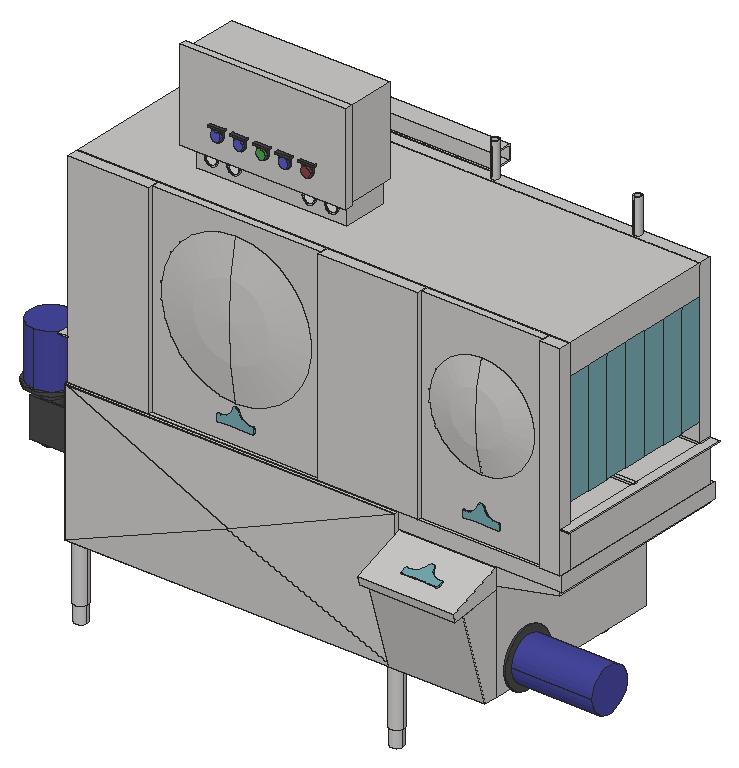
Revit family
Parameters (values of type "208/60/1")
  Width = 5' - 5 1/2"
  Weight in Pounds = 1050
  Watts = 15000 W
  Watermarked By = "http://revitwatermark.com"
  Waste Water Discharge Temperature [instance] = -459.67 °F
  Volts = 208 V
  Ventilation Remarks [instance] = ""
  URL Cutsheet = ""
  URL = "www.stero.com"
  Total Height = 5' - 10 1/2"
  Table Height = 2' - 10"
  Swing Doors [instance] = no
  Status [instance] = ""
  Standard Doors [instance] = not(Swing Doors)  # yes
  Specification by User [instance] = ""
  Specification by Manufacturer = ""
  Single Door Opening [instance] = if(Swing Doors, 1' 6", 1' 4 1/4")  # 1' - 4 1/4"
  Serial Number [instance] = ""
  Seismic Rating [instance] = ""
  SMACNA No [instance] = ""
  Right Ventilation Remarks [instance] = ""
  Right Vent [instance] = no
  Right Exhaust Volume [instance] = if(Right Vent, 200 CFM, 0 CFM)  # 0 CFM
  Right Exhaust Vent Width = 0' - 3 7/8"
  Right Exhaust Vent Text = "Vent, Load End"  # constant formula
  Right Exhaust Vent Depth = 2' - 0 7/8"
  Right Exhaust Static Press = 0.00 in-wg
  Right Exhaust RI Height [instance] = 0' - 0"
  Right Exhaust Item Number [instance] = "-"
  Right Drain [instance] = not(Left Drain)  # yes
  Revision Code [instance] = ""
  Plumbing Remarks [instance] = ""
  Plumbing Connection Type [instance] = ""
  Phase = 1
  Number of Poles [instance] = 1
  NAFEM Spec ID Number [instance] = ""
  Model = "ER-66S"
  Masterspec = ""
  Manufacturer = "Stero"
  Machine Height = 4' - 7 1/2"
  Left Vent [instance] = no
  Left Drain [instance] = no
  Item Number [instance] = "-"
  Installed By [instance] = ""
  Indirect Waste Size = 2"
  Indirect Waste Flow [instance] = 0.00 GPM
  Indirect Waste Connection Type [instance] = ""
  Indirect Waste Connection Height = 0' - 6"
  Hot Water Usage Rack = "0.5 Gal/Rack"
  Hot Water Usage = "118 GPH"
  Hot Water Temperature = 180 °F
  Hot Water Size = 3/4"
  Hot Water RI Height [instance] = 0' - 0"
  Hot Water Minimum Pressure = 20.00 psi
  Hot Water Maximum Pressure = 20.00 psi
  Hot Water Flow = 1.97 GPM
  Hot Water Consumption = 1.97 GPM
  Hot Water Connection Height = 5' - 0"
  HP = "3.58"  # constant formula
  Furnished By [instance] = ""
  Foodservice Equipment Identifier [instance] = yes
  FL Amps = 54.2 A
  Exhaust Volume [instance] = if(Left Vent, 400 CFM, 0 CFM)  # 0 CFM
  Exhaust Vent Width = 0' - 3 7/8"
  Exhaust Vent Text = "Vent, Unload End"  # constant formula
  Exhaust Vent Depth = 2' - 0 7/8"
  Exhaust Static Press = 0.00 in-wg
  Exhaust RI Height [instance] = 0' - 0"
  Electrical Remarks [instance] = ""
  Electric Connection Type [instance] = ""
  Elec Conn RI Height [instance] = 0' - 0"
  Elec Conn Connection Height = 5' - 8 1/2"
  Double Door Opening [instance] = if(Swing Doors, 3' 0", 1' 10 1/2")  # 1' - 10 1/2"
  Description = "Dishwasher, Conveyor"
  Depth = 2' - 1"
  Cycle = 60 Hz
  Conn Conduit = yes
  Cold Water Temperature Recommended [instance] = -459.67 °F
  Cold Water Size = 3/4"
  Cold Water RI Height [instance] = 0' - 0"
  Cold Water Minimum Pressure [instance] = 0.00 psi
  Cold Water Maximum Pressure [instance] = 0.00 psi
  Cold Water Flow [instance] = 0.00 GPM
  Cold Water Consumption [instance] = ""
  Cold Water Connection Height = 5' - 0"
  CSI MasterFormat = "11 48 13"
  Building Plumbing Remarks [instance] = ""
  Building Hot Water Temperature = 140 °F
  Building Hot Water Size = 3/4"
  Building Hot Water RI Height [instance] = 0' - 0"
  Building Hot Water Minimum Pressure = 20.00 psi
  Building Hot Water Maximum Pressure = 20.00 psi
  Building Hot Water Flow [instance] = 0.00 GPM
  Building Hot Water Consumption [instance] = 0.00 GPM
  Building Hot Water Connection Height = 5' - 0"
  Building HW Item Number [instance] = "-"
  Assembly Code = "E1090320"
  Apparent Power = if(Phase = 3, Volts * FL Amps * 1.73, Volts * FL Amps)  # 11273.6 VA
Reference planes (in)
  plane 1: z = 0
  plane 2 "LEFT": x = 2.32772
  plane 3 "BACK": y = -48
  plane 4 "TOP": z = 70.5
  plane 5 "Right of 44 Top": x = 46.32772
  plane 6 "FRONT": y = -73
  plane 7 "Bottom of Machine": z = 10
  plane 8 "Table Height": z = 34
  plane 9 "Top of Machine": z = 55.5
  plane 10 "Panel Top": z = 28.5
  plane 11: z = 12
  plane 12: y = -73.5
  plane 13: y = -47.5
  plane 14: x = 2.07772
  plane 15 "Right of Bottom": x = 46.57772
  plane 16: y = -49.625
  plane 17: y = -71.375
  plane 18 "Door Center": x = 24.32772
  plane 19: x = 13.07772
  plane 20: x = 35.57772
  plane 21 "Top of Opening": z = 51.5
  plane 22: z = 2.25
  plane 23: x = 14.32772
  plane 24: x = 34.32772
  plane 25: x = 13.32772
  plane 26: x = 35.32772
  plane 27 "Front of Lower Panel": y = -66.5
  plane 28: y = -60.5
  plane 29: y = -67
  plane 30 "Back of Panel": y = -60
  plane 31 "Front of Upper Panel": y = -68
  plane 32: x = 13.82772
  plane 33: x = 34.82772
  plane 34: y = -48.0625
  plane 35: y = -72.9375
  plane 36 "Top of Vents": z = 59.5
  plane 37: x = 9.82772
  plane 38: x = 38.82772
  plane 39: y = -45
  plane 40: z = 57.5
  plane 41: y = -43
  plane 42: z = 84.5
  plane 43: x = -7.67228
  plane 44: x = -0.73478
  plane 45: x = -7.54728
  plane 46: x = -4.60978
  plane 47: z = 13.625
  plane 48: z = 8.5
  plane 49 "Drain": y = -50
  plane 50: y = -80
  plane 51: x = 77.82772
  plane 52: x = 70.89022
  plane 53: x = 77.70272
  plane 54: x = 74.76522
  plane 55: x = 48.89022
  plane 56: x = 65.14022
  plane 57: x = 59.26522
  plane 58: x = 70.45272
  plane 59 "RIGHT": x = 67.82772
  plane 60: x = 2.57772
  plane 61: x = 1.07772
  plane 62: x = 67.57772
  plane 63: x = 68.07772
  plane 64: x = 69.07772
  plane 65: x = 64.89022
  plane 66: x = 49.01522
  plane 67: x = 50.32772
  plane 68: x = 13.32772
  plane 69: x = 35.32772
  plane 70: x = 22.89022
  plane 71: x = 24.26522
  plane 72: x = 24.39022
  plane 73: x = 25.76522
Forms (in)
  Extrusion 1, solid, material "QF_Finishes_Stainless Steel"
    sketch origin (0, 0, 10) x (0, 1, 0) y (-1, 0, 0)
      loop
        line (-47.5, -2.07772) -> (-73, -2.07772) -> (-73, -46.57772) -> (-47.5, -46.57772) -> (-47.5, -2.07772)
    from 0 to 2
  Extrusion 2, solid, material "QF_Finishes_Stainless Steel"
    sketch origin (0, 0, 28.5) x (0, 1, 0) y (-1, 0, 0)
      loop
        line (-48, -2.32772) -> (-73, -2.32772) -> (-73, -46.32772) -> (-48, -46.32772) -> (-48, -2.32772)
    from 0 to -16.5
  Extrusion 3, solid, material "QF_Finishes_Stainless Steel"
    sketch origin (0, 0, 34) x (0, 1, 0) y (-1, 0, 0)
      loop
        line (-48, -2.32772) -> (-71.375, -2.32772) -> (-71.375, -67.82772) -> (-48, -67.82772) -> (-48, -2.32772)
    from -0.25 to -5.5
  Extrusion 4, solid, material "QF_Finishes_Stainless Steel"
    sketch origin (0, 0, 34) x (0, 1, 0) y (-1, 0, 0)
      loop
        line (-60.25, -2.32772) -> (-60.75, -2.32772) -> (-60.75, -67.82772) -> (-60.25, -67.82772) -> (-60.25, -2.32772)
      loop
        line (-48, -2.32772) -> (-49.625, -2.32772) -> (-49.625, -67.82772) -> (-48, -67.82772) -> (-48, -2.32772)
    from 0 to -0.25
  Extrusion 5, solid, material "QF_Finishes_Stainless Steel"
    sketch origin (0, 0, 55.5) x (0, 1, 0) y (-1, 0, 0)
      loop
        line (-49.625, -2.32772) -> (-71.375, -2.32772) -> (-71.375, -67.82772) -> (-49.625, -67.82772) -> (-49.625, -2.32772)
    from 0 to -4
  Extrusion 6, solid, material "QF_Finishes_Stainless Steel"
    sketch origin (0, 0, 55.5) x (0, 1, 0) y (-1, 0, 0)
      loop
        line (-48, -2.32772) -> (-49.625, -2.32772) -> (-49.625, -67.82772) -> (-48, -67.82772) -> (-48, -2.32772)
    from 0 to -21.5
  Extrusion 7, solid, material "QF_Finishes_Stainless Steel"
    sketch origin (0, -73, 0) x (-1, 0, 0) y (0, 0, 1)
      loop
        line (-2.32772, 55.5) -> (-13.07772, 55.5) -> (-13.07772, 28.5) -> (-2.32772, 28.5) -> (-2.32772, 55.5)
    from 0 to 1.625
  Blend 8, solid, material "QF_Finishes_Stainless Steel"
    base sketch origin (-15.01335, -74, 48) x (-1, 0, 0) y (0, 0, 1)
      loop
        line (-17.34107, -19.5) -> (-61.34107, -19.5) -> (-61.34107, -38) -> (-17.34107, -38) -> (-17.34107, -19.5)
    top sketch origin (-15.01335, -74, 48) x (-1, 0, 0) y (0, 0, 1)
      loop
        line (-39.37232, -28.71875) -> (-39.37232, -28.78125) -> (-39.30982, -28.78125) -> (-39.30982, -28.71875) -> (-39.37232, -28.71875)
    from 0.5 to 0
  Extrusion 9, solid, material "QF_Finishes_Stainless Steel"
    sketch origin (0, 0, 10) x (0, 1, 0) y (-1, 0, 0)
      loop
        line (-73, -2.32772) -> (-73.5, -2.32772) -> (-73.5, -46.32772) -> (-73, -46.32772) -> (-73, -2.32772)
    from 0 to 18.5
  Extrusion 10, solid, material "QF_Finishes_Stainless Steel"
    sketch origin (0, -73, 0) x (-1, 0, 0) y (0, 0, 1)
      loop
        line (-35.57772, 55.5) -> (-48.89022, 55.5) -> (-48.89022, 28.5) -> (-35.57772, 28.5) -> (-35.57772, 55.5)
    from 0 to 1.625
  Extrusion 11, solid, material "QF_Finishes_Stainless Steel", visible <- "Standard Doors"
    sketch origin (0, 0, 55.5) x (0, 1, 0) y (-1, 0, 0)
      loop
        line (-71.375, -13.07772) -> (-72.5, -13.07772) -> (-72.5, -35.57772) -> (-71.375, -35.57772) -> (-71.375, -13.07772)
    from 0 to -27
  Revolve 12, solid, material "QF_Finishes_Stainless Steel", visible <- "Standard Doors"
    sketch origin (24.32772, 0, 0) x (0, 1, 0) y (0, 0, 1)
      loop
        line (-72.5, 43.5) -> (-72.5, 53.5)
        arc (-72.5, 53.5) -> (-73.26244, 48.52624) -> (-73.5, 43.5) r 48
        line (-73.5, 43.5) -> (-72.5, 43.5)
      axis (-72.5, 43.5) -> (-73.5, 43.5)
    angle from 0 to 360
  Extrusion 13, solid, material "QF_Finishes_Stainless Steel"
    sketch origin (0, 0, 0) x (1, 0, 0) y (0, 1, 0)
      loop
        circle (3.32772, -49) r 0.8125
    from 0 to 2.25
  Extrusion 14, solid, material "QF_Finishes_Stainless Steel"
    sketch origin (0, 0, 0) x (1, 0, 0) y (0, 1, 0)
      loop
        circle (3.32772, -49) r 0.9375
    from 2.25 to 10
  Extrusion 15, solid, material "QF_Finishes_Stainless Steel"
    sketch origin (48.65544, 0, 0) x (-1, 0, 0) y (0, -1, 0)
      loop
        circle (3.32772, 49) r 0.8125
    from 0 to 2.25
  Extrusion 16, solid, material "QF_Finishes_Stainless Steel"
    sketch origin (48.65544, 0, 0) x (-1, 0, 0) y (0, -1, 0)
      loop
        circle (3.32772, 49) r 0.9375
    from 2.25 to 10
  Extrusion 17, solid, material "QF_Finishes_Stainless Steel"
    sketch origin (0, -121, 0) x (1, 0, 0) y (0, 1, 0)
      loop
        circle (3.32772, 49) r 0.8125
    from 0 to 2.25
  Extrusion 18, solid, material "QF_Finishes_Stainless Steel"
    sketch origin (0, -121, 0) x (1, 0, 0) y (0, 1, 0)
      loop
        circle (3.32772, 49) r 0.9375
    from 2.25 to 10
  Extrusion 19, solid, material "QF_Finishes_Stainless Steel"
    sketch origin (48.65544, -121, 0) x (-1, 0, 0) y (0, -1, 0)
      loop
        circle (3.32772, -49) r 0.8125
    from 0 to 2.25
  Extrusion 20, solid, material "QF_Finishes_Stainless Steel"
    sketch origin (48.65544, -121, 0) x (-1, 0, 0) y (0, -1, 0)
      loop
        circle (3.32772, -49) r 0.9375
    from 2.25 to 10
  Extrusion 21, solid, material "QF_Finishes_Stainless Steel"
    sketch origin (0, 0, 55.5) x (0, 1, 0) y (-1, 0, 0)
      loop
        line (-60.5, -14.32772) -> (-66.5, -14.32772) -> (-66.5, -34.32772) -> (-60.5, -34.32772) -> (-60.5, -14.32772)
    from 0 to 3.5
  Extrusion 22, solid, material "QF_Finishes_Stainless Steel"
    sketch origin (0, 0, 55.5) x (0, 1, 0) y (-1, 0, 0)
      loop
        line (-60, -13.82772) -> (-67, -13.82772) -> (-67, -34.82772) -> (-60, -34.82772) -> (-60, -13.82772)
    from 3 to 14.5
  Extrusion 23, solid, material "QF_Finishes_Stainless Steel"
    sketch origin (0, 0, 55.5) x (0, 1, 0) y (-1, 0, 0)
      loop
        line (-67, -13.32772) -> (-68, -13.32772) -> (-68, -35.32772) -> (-67, -35.32772) -> (-67, -13.32772)
    from 3 to 15
  Extrusion 24, solid, material "QF_Finishes_Stainless Steel"
    sketch origin (0, -66.5, 0) x (-1, 0, 0) y (0, 0, 1)
      loop
        circle (-16.32772, 57.25) r 0.75
      loop
        circle (-16.32772, 57.25) r 0.875
    from 0 to -0.125
  Extrusion 25, solid, material "QF_Finishes_White"
    sketch origin (0, -66.5, 0) x (-1, 0, 0) y (0, 0, 1)
      loop
        circle (-16.32772, 57.25) r 0.75
    from 0 to -0.0625
  Extrusion 26, solid, material "QF_Finishes_Stainless Steel"
    sketch origin (48.65544, -66.5, 0) x (1, 0, 0) y (0, 0, -1)
      loop
        circle (-16.32772, -57.25) r 0.75
      loop
        circle (-16.32772, -57.25) r 0.875
    from 0 to -0.125
  Extrusion 27, solid, material "QF_Finishes_White"
    sketch origin (48.65544, -66.5, 0) x (1, 0, 0) y (0, 0, -1)
      loop
        circle (-16.32772, -57.25) r 0.75
    from 0 to -0.0625
  Extrusion 28, solid, material "QF_Finishes_Black"
    sketch origin (1.5, -68, 0) x (-1, 0, 0) y (0, 0, 1)
      loop
        line (-23.82772, 62.5) -> (-23.82772, 62.25) -> (-21.82772, 62.25) -> (-21.82772, 62.5) -> (-23.82772, 62.5)
      loop
        line (-20.82772, 62.5) -> (-20.82772, 62.25) -> (-18.82772, 62.25) -> (-18.82772, 62.5) -> (-20.82772, 62.5)
      loop
        line (-24.82772, 62.5) -> (-26.82772, 62.5) -> (-26.82772, 62.25) -> (-24.82772, 62.25) -> (-24.82772, 62.5)
      loop
        line (-27.82772, 62.5) -> (-29.82772, 62.5) -> (-29.82772, 62.25) -> (-27.82772, 62.25) -> (-27.82772, 62.5)
      loop
        line (-17.82772, 62.5) -> (-17.82772, 62.25) -> (-15.82772, 62.25) -> (-15.82772, 62.5) -> (-17.82772, 62.5)
    from 0 to -0.5
  Extrusion 29, solid, material "QF_Finishes_Navy Blue"
    sketch origin (1.5, -68, 0) x (-1, 0, 0) y (0, 0, 1)
      loop
        circle (-19.82772, 61.375) r 0.625
    from -0.125 to -0.375
  Extrusion 30, solid, material "QF_Finishes_LED Green"
    sketch origin (4.5, -68, 0) x (-1, 0, 0) y (0, 0, 1)
      loop
        circle (-19.82772, 61.375) r 0.625
    from -0.125 to -0.375
  Extrusion 31, solid, material "QF_Finishes_Navy Blue"
    sketch origin (7.5, -68, 0) x (-1, 0, 0) y (0, 0, 1)
      loop
        circle (-19.82772, 61.375) r 0.625
    from -0.125 to -0.375
  Extrusion 32, solid, material "QF_Finishes_LED Red"
    sketch origin (10.5, -68, 0) x (-1, 0, 0) y (0, 0, 1)
      loop
        circle (-19.82772, 61.375) r 0.625
    from -0.125 to -0.375
  Extrusion 33, solid, material "QF_Finishes_Black"
    sketch origin (1.5, -68, 0) x (-1, 0, 0) y (0, 0, 1)
      loop
        arc (-20.57772, 61.375) -> (-19.82772, 60.625) -> (-19.07772, 61.375) r 0.75
        line (-19.07772, 61.375) -> (-19.07772, 62.25) -> (-20.57772, 62.25) -> (-20.57772, 61.375)
      loop
        arc (-23.57772, 61.375) -> (-22.82772, 60.625) -> (-22.07772, 61.375) r 0.75
        line (-22.07772, 61.375) -> (-22.07772, 62.25) -> (-23.57772, 62.25) -> (-23.57772, 61.375)
      loop
        arc (-26.57772, 61.375) -> (-25.82772, 60.625) -> (-25.07772, 61.375) r 0.75
        line (-25.07772, 61.375) -> (-25.07772, 62.25) -> (-26.57772, 62.25) -> (-26.57772, 61.375)
      loop
        arc (-29.57772, 61.375) -> (-28.82772, 60.625) -> (-28.07772, 61.375) r 0.75
        line (-28.07772, 61.375) -> (-28.07772, 62.25) -> (-29.57772, 62.25) -> (-29.57772, 61.375)
      loop
        arc (-17.57772, 61.375) -> (-16.82772, 60.625) -> (-16.07772, 61.375) r 0.75
        line (-16.07772, 61.375) -> (-16.07772, 62.25) -> (-17.57772, 62.25) -> (-17.57772, 61.375)
    from 0 to -0.125
  Extrusion 34, solid, material "QF_Finishes_Light Blue", visible <- "Standard Doors"
    sketch origin (0, -73, 0) x (-1, 0, 0) y (0, 0, 1)
      loop
        line (-23.71645, 30.65632) -> (-22.08461, 30.57309)
        arc (-22.08461, 30.57309) -> (-21.90443, 30.64773) -> (-21.82979, 30.82792) r 0.25483
        line (-21.82979, 30.82792) -> (-21.82979, 31.31285)
        arc (-21.82979, 31.31285) -> (-21.90343, 31.49062) -> (-22.08121, 31.56426) r 0.25142
        arc (-22.08121, 31.56426) -> (-23.22593, 31.7803) -> (-23.90311, 32.72819) r 1.56264
        arc (-23.90311, 32.72819) -> (-24.31726, 33.06213) -> (-24.74741, 32.74907) r 0.43733
        arc (-24.74741, 32.74907) -> (-25.42049, 31.78611) -> (-26.57423, 31.56426) r 1.56264
        arc (-26.57423, 31.56426) -> (-26.75201, 31.49062) -> (-26.82565, 31.31285) r 0.25142
        line (-26.82565, 31.31285) -> (-26.82565, 30.82792)
        arc (-26.82565, 30.82792) -> (-26.75101, 30.64773) -> (-26.57082, 30.57309) r 0.25483
        line (-26.57082, 30.57309) -> (-24.93898, 30.65632)
        arc (-24.93898, 30.65632) -> (-24.32772, 30.6719) -> (-23.71645, 30.65632) r 12
    from 0.5 to 0.4375
  Extrusion 35, solid, material "QF_Finishes_Stainless Steel"
    sketch origin (0, 0, 55.5) x (0, 1, 0) y (-1, 0, 0)
      loop
        circle (-48.75, -11.32772) r 0.375
      loop
        circle (-48.75, -11.32772) r 0.5
    from 0 to 4.5
  Extrusion 36, solid, material "QF_Finishes_Stainless Steel"
    sketch origin (2.32772, 0, 0) x (0, 1, 0) y (0, 0, 1)
      loop
        line (-45, 57.5) -> (-47.75, 57.5) -> (-47.75, 55.5) -> (-45, 55.5) -> (-45, 57.5)
      loop
        line (-45.125, 57.375) -> (-47.625, 57.375) -> (-47.625, 55.625) -> (-45.125, 55.625) -> (-45.125, 57.375)
    from 7.5 to 36.5
  Extrusion 37, solid, material "QF_Finishes_Stainless Steel"
    sketch origin (2.32772, 0, 0) x (0, 1, 0) y (0, 0, 1)
      loop
        line (-47.75, 55.5) -> (-47.75, 55.625) -> (-48, 55.625) -> (-48, 55.5) -> (-47.75, 55.5)
    from 7.5 to 36.5
  Extrusion 38, solid, material "QF_Finishes_Stainless Steel"
    sketch origin (0, -60, 0) x (-1, 0, 0) y (0, 0, 1)
      loop
        circle (-34.32772, 68.5) r 0.25
    from 0 to 0.0625
  Extrusion 39, solid, material "QF_Finishes_Stainless Steel"
    sketch origin (0, -1, 10) x (0, 1, 0) y (-1, 0, 0)
      loop
        circle (-50, -30.32772) r 1
      loop
        circle (-50, -30.32772) r 1.125
    from 0 to -4
  Extrusion 40, solid, material "QF_Finishes_Clearance", detail levels coarse
    sketch origin (0, 0, 0) x (1, 0, 0) y (0, 1, 0)
      loop
        line (1.07772, -47.5) -> (9.82772, -47.5) -> (9.82772, -45) -> (38.82772, -45) -> (38.82772, -47.5) -> (69.07772, -47.5) -> (69.07772, -43) -> (1.07772, -43) -> (1.07772, -47.5)
    from 0 to 70.5
  Extrusion 41, solid, material "QF_Finishes_Clearance", visible <- "Standard Doors", detail levels coarse
    sketch origin (0, -73, 0) x (-1, 0, 0) y (0, 0, 1)
      loop
        line (-13.07772, 84.5) -> (-35.57772, 84.5) -> (-35.57772, 55.5) -> (-13.07772, 55.5) -> (-13.07772, 84.5)
    from 0 to 1.625
  Extrusion 42, solid, material "QF_Finishes_Stainless Steel"
    sketch origin (3, -66.5, 0) x (-1, 0, 0) y (0, 0, 1)
      loop
        circle (-16.32772, 57.25) r 0.75
      loop
        circle (-16.32772, 57.25) r 0.875
    from 0 to -0.125
  Extrusion 43, solid, material "QF_Finishes_White"
    sketch origin (3, -66.5, 0) x (-1, 0, 0) y (0, 0, 1)
      loop
        circle (-16.32772, 57.25) r 0.75
    from 0 to -0.0625
  Extrusion 44, solid, material "QF_Finishes_Stainless Steel"
    sketch origin (45.65544, -66.5, 0) x (1, 0, 0) y (0, 0, -1)
      loop
        circle (-16.32772, -57.25) r 0.75
      loop
        circle (-16.32772, -57.25) r 0.875
    from 0 to -0.125
  Extrusion 45, solid, material "QF_Finishes_White"
    sketch origin (45.65544, -66.5, 0) x (1, 0, 0) y (0, 0, -1)
      loop
        circle (-16.32772, -57.25) r 0.75
    from 0 to -0.0625
  Extrusion 46, solid, material "QF_Finishes_Stainless Steel", visible <- "Left Vent"
    sketch origin (2.32772, 0, 0) x (0, 1, 0) y (0, 0, 1)
      loop
        line (-73, 55.5) -> (-73, 39.125) -> (-71.375, 37.5) -> (-71.375, 37.67678) -> (-72.875, 39.17678) -> (-72.875, 55.375) -> (-48.125, 55.375) -> (-48.125, 50.61428) -> (-49.625, 49.11428) -> (-49.625, 48.9375) -> (-48, 50.5625) -> (-48, 55.5) -> (-73, 55.5)
    from 0 to -9.875
  Extrusion 47, solid, material "QF_Finishes_Stainless Steel", visible <- "Left Vent"
    sketch origin (-7.67228, 0, 0) x (0, 1, 0) y (0, 0, 1)
      loop
        line (-71.375, 37.5) -> (-71.375, 51.5) -> (-49.625, 51.5) -> (-49.625, 48.9375) -> (-48, 50.5625) -> (-48, 55.5) -> (-73, 55.5) -> (-73, 39.125) -> (-71.375, 37.5)
    from 0 to 0.125
  Extrusion 48, solid, material "QF_Finishes_Stainless Steel", visible <- "Left Vent"
    sketch origin (-0.25, 0, 55.5) x (0, 1, 0) y (-1, 0, 0)
      loop
        line (-48.0625, 4.35978) -> (-72.9375, 4.35978) -> (-72.9375, 0.48478) -> (-48.0625, 0.48478) -> (-48.0625, 4.35978)
      loop
        line (-48.1875, 4.23478) -> (-72.8125, 4.23478) -> (-72.8125, 0.60978) -> (-48.1875, 0.60978) -> (-48.1875, 4.23478)
    from 0 to 4
  Extrusion 49, solid, material "QF_Finishes_Clearance", visible <- "Left Vent", detail levels coarse
    sketch origin (-0.25, 0, 0) x (1, 0, 0) y (0, 1, 0)
      loop
        line (-7.42228, -43) -> (-7.42228, -47.5) -> (1.32772, -47.5) -> (1.32772, -43) -> (-7.42228, -43)
    from 0 to 70.5
  Extrusion 50, solid, material "QF_Finishes_Stainless Steel"
    sketch origin (0, 0, 26.5) x (0, 1, 0) y (-1, 0, 0)
      loop
        line (-47.5, -2.07772) -> (-73, -2.07772) -> (-73, -68.07772) -> (-47.5, -68.07772) -> (-47.5, -2.07772)
    from 0 to 2
  Extrusion 51, solid, material "QF_Finishes_Light Blue"
    sketch origin (48.65544, 0, 51.5) x (0, 1, 0) y (-1, 0, 0)
      loop
        line (-49.625, 46.32772) -> (-52.625, 46.32772) -> (-52.625, 46.20272) -> (-49.625, 46.20272) -> (-49.625, 46.32772)
      loop
        line (-52.75, 46.32772) -> (-55.75, 46.32772) -> (-55.75, 46.20272) -> (-52.75, 46.20272) -> (-52.75, 46.32772)
      loop
        line (-55.875, 46.32772) -> (-58.875, 46.32772) -> (-58.875, 46.20272) -> (-55.875, 46.20272) -> (-55.875, 46.32772)
      loop
        line (-59, 46.32772) -> (-62, 46.32772) -> (-62, 46.20272) -> (-59, 46.20272) -> (-59, 46.32772)
      loop
        line (-62.125, 46.32772) -> (-65.125, 46.32772) -> (-65.125, 46.20272) -> (-62.125, 46.20272) -> (-62.125, 46.32772)
      loop
        line (-65.25, 46.32772) -> (-68.25, 46.32772) -> (-68.25, 46.20272) -> (-65.25, 46.20272) -> (-65.25, 46.32772)
      loop
        line (-68.375, 46.32772) -> (-71.375, 46.32772) -> (-71.375, 46.20272) -> (-68.375, 46.20272) -> (-68.375, 46.32772)
    from 0 to -15
  Extrusion 52, solid, material "QF_Finishes_Navy Blue"
    sketch origin (-1.5, -68, 0) x (-1, 0, 0) y (0, 0, 1)
      loop
        circle (-19.82772, 61.375) r 0.625
    from -0.125 to -0.375
  Extrusion 53, solid, material "QF_Finishes_Stainless Steel"
    sketch origin (-30, 0, 55.5) x (0, 1, 0) y (-1, 0, 0)
      loop
        circle (-48.75, -69.82772) r 0.375
      loop
        circle (-48.75, -69.82772) r 0.5
    from 0 to 4.5
  Extrusion 54, solid, material "QF_Finishes_Stainless Steel"
    sketch origin (3.25, 0, 55.5) x (0, 1, 0) y (-1, 0, 0)
      loop
        circle (-48.75, -55.57772) r 0.375
      loop
        circle (-48.75, -55.57772) r 0.5
    from 0 to 4.5
  Extrusion 55, solid, material "QF_Finishes_Stainless Steel"
    sketch origin (32.6875, -1, 10) x (0, 1, 0) y (-1, 0, 0)
      loop
        circle (-50, -18.32772) r 1
      loop
        circle (-50, -18.32772) r 1.125
    from -1.5 to -4
  Extrusion 56, solid, material "QF_Finishes_Stainless Steel", visible <- "Left Drain"
    sketch origin (53, -1, 0) x (1, 0, 0) y (0, 1, 0)
      loop
        circle (-1.98478, -50) r 1
    from 6 to 6.25
  Extrusion 57, solid, material "QF_Finishes_Stainless Steel", visible <- "Right Drain"
    sketch origin (0, -1, 0) x (1, 0, 0) y (0, 1, 0)
      loop
        circle (30.32772, -50) r 1
    from 6 to 6.25
  Extrusion 58, solid, material "QF_Finishes_Stainless Steel", visible <- "Right Vent"
    sketch origin (67.82772, 0, 0) x (0, -1, 0) y (0, 0, 1)
      loop
        line (73, 55.5) -> (48, 55.5) -> (48, 50.5625) -> (49.625, 48.9375) -> (49.625, 49.11428) -> (48.125, 50.61428) -> (48.125, 55.375) -> (72.875, 55.375) -> (72.875, 39.17678) -> (71.375, 37.67678) -> (71.375, 37.5) -> (73, 39.125) -> (73, 55.5)
    from 0 to -9.875
  Extrusion 59, solid, material "QF_Finishes_Stainless Steel", visible <- "Right Vent"
    sketch origin (77.82772, 0, 0) x (0, 1, 0) y (0, 0, 1)
      loop
        line (-71.375, 37.5) -> (-71.375, 51.5) -> (-49.625, 51.5) -> (-49.625, 48.9375) -> (-48, 50.5625) -> (-48, 55.5) -> (-73, 55.5) -> (-73, 39.125) -> (-71.375, 37.5)
    from 0 to -0.125
  Extrusion 60, solid, material "QF_Finishes_Stainless Steel", visible <- "Right Vent"
    sketch origin (70.40544, 0, 55.5) x (0, 1, 0) y (-1, 0, 0)
      loop
        line (-48.0625, -4.35978) -> (-48.0625, -0.48478) -> (-72.9375, -0.48478) -> (-72.9375, -4.35978) -> (-48.0625, -4.35978)
      loop
        line (-48.1875, -4.23478) -> (-48.1875, -0.60978) -> (-72.8125, -0.60978) -> (-72.8125, -4.23478) -> (-48.1875, -4.23478)
    from 0 to 4
  Extrusion 61, solid, material "QF_Finishes_Clearance", visible <- "Right Vent", detail levels coarse
    sketch origin (21.75, 0, 0) x (1, 0, 0) y (0, 1, 0)
      loop
        line (47.32772, -43) -> (47.32772, -47.5) -> (56.07772, -47.5) -> (56.07772, -43) -> (47.32772, -43)
    from 0 to 70.5
  Extrusion 62, solid, material "QF_Finishes_Black"
    sketch origin (5.65544, -73, 0) x (1, 0, 0) y (0, 0, -1)
      loop
        line (-3.57772, -12) -> (-3.57772, -10.9375) -> (-4.70272, -10.9375) -> (-4.70272, -23.9375) -> (-3.32772, -23.9375) -> (-3.32772, -12) -> (-3.57772, -12)
    from 1.8125 to 7.8125
  Extrusion 63, solid, material "QF_Finishes_Black"
    sketch origin (5.65544, 0, 10) x (0, 1, 0) y (-1, 0, 0)
      loop
        arc (-66.875, 9.32772) -> (-68.1875, 8.01522) -> (-69.5, 9.32772) r 1.3125
        line (-69.5, 9.32772) -> (-69.5, 4.95272) -> (-66.875, 4.95272) -> (-66.875, 9.32772)
      loop
        line (-69.75, 10.95272) -> (-69.75, 4.70272) -> (-66.625, 4.70272) -> (-66.625, 10.95272) -> (-69.75, 10.95272)
    from 7.6875 to 12.9375
  Extrusion 64, solid, material "QF_Finishes_Black"
    sketch origin (5.65544, 0, 10) x (0, 1, 0) y (-1, 0, 0)
      loop
        circle (-68.1875, 9.32772) r 1.0625
    from 7.1875 to 7.6875
  Extrusion 65, solid, material "QF_Finishes_Black"
    sketch origin (5.65544, 0, 10) x (0, 1, 0) y (-1, 0, 0)
      loop
        circle (-68.1875, 9.32772) r 1.3125
    from 12.9375 to 13.4375
  Blend 66, solid, material "QF_Finishes_Black"
    base sketch origin (5.65544, 0, 10) x (0, 1, 0) y (-1, 0, 0)
      loop
        circle (-68.1875, 9.32772) r 1.3125
    top sketch origin (5.65544, 0, 10) x (0, 1, 0) y (-1, 0, 0)
      loop
        circle (-68.1875, 9.32772) r 2.0625
    from 13.4375 to 14.4375
  Extrusion 67, solid, material "QF_Finishes_Black"
    sketch origin (5.65544, 0, 10) x (0, 1, 0) y (-1, 0, 0)
      loop
        circle (-68.1875, 9.32772) r 3.25
    from 14.4375 to 14.8125
  Extrusion 68, solid, material "QF_Finishes_Blue"
    sketch origin (5.65544, 0, 10) x (0, 1, 0) y (-1, 0, 0)
      loop
        circle (-68.1875, 9.32772) r 2.875
    from 14.8125 to 21.9375
  Extrusion 69, solid, material "QF_Finishes_Black"
    sketch origin (5.65544, -73, 0) x (1, 0, 0) y (0, 0, -1)
      loop
        line (-3.32772, -33.1875) -> (-3.32772, -31.6875) -> (-8.57772, -31.6875) -> (-8.57772, -33.1875) -> (-3.32772, -33.1875)
      loop
        circle (-7.32772, -32.4375) r 0.375
    from 12.3125 to 12.6875
  Extrusion 70, solid, material "QF_Finishes_Black"
    sketch origin (5.65544, -73, 0) x (1, 0, 0) y (0, 0, -1)
      loop
        line (-3.32772, -12) -> (-3.57772, -12) -> (-3.57772, -8.4375) -> (-5.82772, -8.4375) -> (-5.82772, -12.4375) -> (-3.32772, -12.4375) -> (-3.32772, -12)
    from 7 to 18
  Extrusion 71, solid, material "QF_Finishes_Black"
    sketch origin (5.65544, -73, 0) x (1, 0, 0) y (0, 0, -1)
      loop
        line (-5.82772, -12.125) -> (-5.82772, -8.75) -> (-6.07772, -8.75)
        arc (-6.07772, -8.75) -> (-6.2545, -8.82322) -> (-6.32772, -9) r 0.25
        line (-6.32772, -9) -> (-6.32772, -9.3125)
        arc (-6.32772, -9.3125) -> (-6.43755, -9.57767) -> (-6.70272, -9.6875) r 0.375
        line (-6.70272, -9.6875) -> (-7.32772, -9.6875)
        arc (-7.32772, -9.6875) -> (-8.07772, -10.4375) -> (-7.32772, -11.1875) r 0.75
        line (-7.32772, -11.1875) -> (-6.70272, -11.1875)
        arc (-6.70272, -11.1875) -> (-6.43755, -11.29733) -> (-6.32772, -11.5625) r 0.375
        line (-6.32772, -11.5625) -> (-6.32772, -11.875)
        arc (-6.32772, -11.875) -> (-6.2545, -12.05178) -> (-6.07772, -12.125) r 0.25
        line (-6.07772, -12.125) -> (-5.82772, -12.125)
      loop
        circle (-7.32772, -10.4375) r 0.5
    from 9.375 to 9.5
  Extrusion 72, solid, material "QF_Finishes_Black"
    sketch origin (5.65544, -66.875, 0) x (1, 0, 0) y (0, 0, -1)
      loop
        line (-5.82772, -12.125) -> (-5.82772, -8.75) -> (-6.07772, -8.75)
        arc (-6.07772, -8.75) -> (-6.2545, -8.82322) -> (-6.32772, -9) r 0.25
        line (-6.32772, -9) -> (-6.32772, -9.3125)
        arc (-6.32772, -9.3125) -> (-6.43755, -9.57767) -> (-6.70272, -9.6875) r 0.375
        line (-6.70272, -9.6875) -> (-7.32772, -9.6875)
        arc (-7.32772, -9.6875) -> (-8.07772, -10.4375) -> (-7.32772, -11.1875) r 0.75
        line (-7.32772, -11.1875) -> (-6.70272, -11.1875)
        arc (-6.70272, -11.1875) -> (-6.43755, -11.29733) -> (-6.32772, -11.5625) r 0.375
        line (-6.32772, -11.5625) -> (-6.32772, -11.875)
        arc (-6.32772, -11.875) -> (-6.2545, -12.05178) -> (-6.07772, -12.125) r 0.25
        line (-6.07772, -12.125) -> (-5.82772, -12.125)
      loop
        circle (-7.32772, -10.4375) r 0.5
    from 9.375 to 9.5
  Extrusion 73, solid, material "QF_Finishes_Stainless Steel"
    sketch origin (5.65544, -73, 0) x (1, 0, 0) y (0, 0, -1)
      loop
        circle (-7.32772, -32.4375) r 0.375
      loop
        arc (-8.06584, -32.57045) -> (-7.32772, -33.1875) -> (-6.5896, -32.57045) r 0.75
        line (-6.5896, -32.57045) -> (-5.89022, -28.6875) -> (-8.76522, -28.6875) -> (-8.06584, -32.57045)
    from 11.25 to 11.375
  Extrusion 74, solid, material "QF_Finishes_Stainless Steel"
    sketch origin (5.65544, -48, 0) x (1, 0, 0) y (0, 0, 1)
      loop
        circle (-7.32772, 32.4375) r 0.375
      loop
        line (-8.06584, 32.57045) -> (-8.76522, 28.6875) -> (-5.89022, 28.6875) -> (-6.5896, 32.57045)
        arc (-6.5896, 32.57045) -> (-7.32772, 33.1875) -> (-8.06584, 32.57045) r 0.75
    from 11.25 to 11.375
  Extrusion 75, solid, material "QF_Finishes_Stainless Steel"
    sketch origin (5.65544, -73, 0) x (1, 0, 0) y (0, 0, -1)
      loop
        circle (-7.32772, -32.4375) r 0.375
    from 10.75 to 14.25
  Blend 76, solid, material "QF_Finishes_Stainless Steel"
    base sketch origin (5.65544, 0, 34) x (0, 1, 0) y (-1, 0, 0)
      loop
        line (-58.25, 4.89022) -> (-58.25, 9.76522) -> (-62.75, 9.76522) -> (-62.75, 4.89022) -> (-58.25, 4.89022)
    top sketch origin (5.65544, 0, 34) x (0, 1, 0) y (-1, 0, 0)
      loop
        line (-59.25, 5.89022) -> (-59.25, 8.76522) -> (-61.75, 8.76522) -> (-61.75, 5.89022) -> (-59.25, 5.89022)
    from -14.0625 to -5.3125
  Blend 77, solid, material "QF_Finishes_Stainless Steel"
    base sketch origin (5.65544, 0, 25.25) x (0, 1, 0) y (-1, 0, 0)
      loop
        line (-57.5, 4.14022) -> (-57.5, 10.51522) -> (-63.5, 10.51522) -> (-63.5, 4.14022) -> (-57.5, 4.14022)
    top sketch origin (5.65544, 0, 25.25) x (0, 1, 0) y (-1, 0, 0)
      loop
        line (-58.5, 5.14022) -> (-58.5, 9.51522) -> (-62.5, 9.51522) -> (-62.5, 5.14022) -> (-58.5, 5.14022)
    from -15.5625 to -5.3125
  Extrusion 78, solid, material "QF_Finishes_Stainless Steel"
    sketch origin (5.65544, -73, -22) x (1, 0, 0) y (0, 0, -1)
      loop
        circle (-7.32772, -32.4375) r 0.5
    from 9 to 16
  Extrusion 79, solid, material "QF_Finishes_Stainless Steel", visible <- "Standard Doors"
    sketch origin (81.34294, 0, 55.5) x (0, 1, 0) y (-1, 0, 0)
      loop
        line (-71.375, 16.20272) -> (-71.375, 32.45272) -> (-72.5, 32.45272) -> (-72.5, 16.20272) -> (-71.375, 16.20272)
    from 0 to -27
  Revolve 80, solid, material "QF_Finishes_Stainless Steel", visible <- "Standard Doors"
    sketch origin (57.01522, 0, 0) x (0, 1, 0) y (0, 0, -1)
      loop
        line (-72.5, -43.5) -> (-73.5, -43.5)
        arc (-73.5, -43.5) -> (-73.23908, -47.03415) -> (-72.5, -50.5) r 26
        line (-72.5, -50.5) -> (-72.5, -43.5)
      axis (-72.5, -43.5) -> (-73.5, -43.5)
    angle from 0 to 360
  Extrusion 81, solid, material "QF_Finishes_Light Blue", visible <- "Standard Doors"
    sketch origin (81.34294, -73, 0) x (1, 0, 0) y (0, 0, -1)
      loop
        arc (-23.71645, -30.65632) -> (-24.32772, -30.6719) -> (-24.93898, -30.65632) r 12
        line (-24.93898, -30.65632) -> (-26.57082, -30.57309)
        arc (-26.57082, -30.57309) -> (-26.75101, -30.64773) -> (-26.82565, -30.82792) r 0.25483
        line (-26.82565, -30.82792) -> (-26.82565, -31.31285)
        arc (-26.82565, -31.31285) -> (-26.75201, -31.49062) -> (-26.57423, -31.56426) r 0.25142
        arc (-26.57423, -31.56426) -> (-25.42049, -31.78611) -> (-24.74741, -32.74907) r 1.56264
        arc (-24.74741, -32.74907) -> (-24.31726, -33.06213) -> (-23.90311, -32.72819) r 0.43733
        arc (-23.90311, -32.72819) -> (-23.22593, -31.7803) -> (-22.08121, -31.56426) r 1.56264
        arc (-22.08121, -31.56426) -> (-21.90343, -31.49062) -> (-21.82979, -31.31285) r 0.25142
        line (-21.82979, -31.31285) -> (-21.82979, -30.82792)
        arc (-21.82979, -30.82792) -> (-21.90443, -30.64773) -> (-22.08461, -30.57309) r 0.25483
        line (-22.08461, -30.57309) -> (-23.71645, -30.65632)
    from 0.5 to 0.4375
  Extrusion 82, solid, material "QF_Finishes_Clearance", visible <- "Standard Doors", detail levels coarse
    sketch origin (81.34294, -73, 0) x (1, 0, 0) y (0, 0, -1)
      loop
        line (-16.20272, -84.5) -> (-16.20272, -55.5) -> (-32.45272, -55.5) -> (-32.45272, -84.5) -> (-16.20272, -84.5)
    from 0.5 to 1.625
  Extrusion 83, solid, material "QF_Finishes_Stainless Steel"
    sketch origin (48.65544, -73, 0) x (1, 0, 0) y (0, 0, -1)
      loop
        line (10.60978, -26.5) -> (10.60978, -10.9375) -> (-2.07772, -10.9375) -> (-2.07772, -26.5) -> (10.60978, -26.5)
    from 0 to 25
  Extrusion 84, solid, material "QF_Finishes_Stainless Steel"
    sketch origin (59.26522, 0, 0) x (0, 1, 0) y (0, 0, -1)
      loop
        line (-73, -10.9375) -> (-74.8125, -10.9375) -> (-78.50369, -23.01085) -> (-73, -23.75) -> (-73, -10.9375)
    from 0 to 12.6875
  Extrusion 85, solid, material "QF_Finishes_Stainless Steel"
    sketch origin (59.26522, 0, 0) x (0, 1, 0) y (0, 0, -1)
      loop
        line (-73, -23.75) -> (-79.75188, -22.84321) -> (-80, -23.88971) -> (-73, -26.4375) -> (-73, -23.75)
    from 0 to 12.6875
  Extrusion 86, solid, material "QF_Finishes_Light Blue"
    sketch origin (77.24919, -106.64897, 14.72237) x (1, 0, 0) y (0, -0.939693, -0.34202)
      loop
        arc (-23.71645, -30.65632) -> (-24.32772, -30.6719) -> (-24.93898, -30.65632) r 12
        line (-24.93898, -30.65632) -> (-26.57082, -30.57309)
        arc (-26.57082, -30.57309) -> (-26.75101, -30.64773) -> (-26.82565, -30.82792) r 0.25483
        line (-26.82565, -30.82792) -> (-26.82565, -31.31285)
        arc (-26.82565, -31.31285) -> (-26.75201, -31.49062) -> (-26.57423, -31.56426) r 0.25142
        arc (-26.57423, -31.56426) -> (-25.42049, -31.78611) -> (-24.74741, -32.74907) r 1.56264
        arc (-24.74741, -32.74907) -> (-24.31726, -33.06213) -> (-23.90311, -32.72819) r 0.43733
        arc (-23.90311, -32.72819) -> (-23.22593, -31.7803) -> (-22.08121, -31.56426) r 1.56264
        arc (-22.08121, -31.56426) -> (-21.90343, -31.49062) -> (-21.82979, -31.31285) r 0.25142
        line (-21.82979, -31.31285) -> (-21.82979, -30.82792)
        arc (-21.82979, -30.82792) -> (-21.90443, -30.64773) -> (-22.08461, -30.57309) r 0.25483
        line (-22.08461, -30.57309) -> (-23.71645, -30.65632)
    from 0.5 to 0.4375
  Extrusion 87, solid, material "QF_Finishes_Black"
    sketch origin (59.26522, 0, 0) x (0, 1, 0) y (0, 0, -1)
      loop
        circle (-68, -13.625) r 3.75
    from 0 to -0.375
  Extrusion 88, solid, material "QF_Finishes_Blue"
    sketch origin (59.26522, 0, 0) x (0, 1, 0) y (0, 0, -1)
      loop
        circle (-68, -13.625) r 2.875
    from -0.375 to -11.1875
  Extrusion 89, solid, material "QF_Finishes_Stainless Steel"
    sketch origin (48.65544, -73, 0) x (1, 0, 0) y (0, 0, -1)
      loop
        line (19.17228, -26.5) -> (19.17228, -26.125) -> (10.60978, -24.25) -> (10.60978, -26.5) -> (19.17228, -26.5)
    from 0 to 25
  Sweep 90, solid, material "QF_Finishes_Stainless Steel"
    path origin (48.65544, -50, 0) x (1, 0, 0) y (0, 0, 1)
      loop
        line (-18.32772, 8.5) -> (5.60978, 8.5)
        arc (5.60978, 8.5) -> (7.024, 9.08579) -> (7.60978, 10.5) r 2
        line (7.60978, 10.5) -> (7.60978, 10.9375)
    profile origin (42.29647, -50, 8.5) x (0, 0, -1) y (0, 1, 0)
      loop
        circle (0, -1) r 1
      loop
        circle (0, -1) r 1.125
  Extrusion 91, solid, material "QF_Finishes_Stainless Steel"
    sketch origin (67.59294, -73, 0) x (1, 0, 0) y (0, 0, -1)
      loop
        line (0.23478, -55.5) -> (0.23478, -28.5) -> (-2.45272, -28.5) -> (-2.45272, -55.5) -> (0.23478, -55.5)
    from 0 to 1.625
  Extrusion 92, solid, material "QF_Finishes_Stainless Steel"
    sketch origin (0, 0, 34) x (0, 1, 0) y (-1, 0, 0)
      loop
        line (-48, -2.32772) -> (-48, -1.07772) -> (-73, -1.07772) -> (-73, -2.32772) -> (-48, -2.32772)
    from 0 to -0.125
  Extrusion 93, solid, material "QF_Finishes_Stainless Steel"
    sketch origin (21.5, 0, 34) x (0, 1, 0) y (-1, 0, 0)
      loop
        line (-48, -46.32772) -> (-73, -46.32772) -> (-73, -47.57772) -> (-48, -47.57772) -> (-48, -46.32772)
    from 0 to -0.125
  Extrusion 94, solid, material "QF_Finishes_Light Blue"
    sketch origin (21.5, 0, 51.5) x (0, 1, 0) y (-1, 0, 0)
      loop
        line (-49.625, -46.32772) -> (-49.625, -46.20272) -> (-52.625, -46.20272) -> (-52.625, -46.32772) -> (-49.625, -46.32772)
      loop
        line (-52.75, -46.32772) -> (-52.75, -46.20272) -> (-55.75, -46.20272) -> (-55.75, -46.32772) -> (-52.75, -46.32772)
      loop
        line (-55.875, -46.32772) -> (-55.875, -46.20272) -> (-58.875, -46.20272) -> (-58.875, -46.32772) -> (-55.875, -46.32772)
      loop
        line (-59, -46.32772) -> (-59, -46.20272) -> (-62, -46.20272) -> (-62, -46.32772) -> (-59, -46.32772)
      loop
        line (-62.125, -46.32772) -> (-62.125, -46.20272) -> (-65.125, -46.20272) -> (-65.125, -46.32772) -> (-62.125, -46.32772)
      loop
        line (-65.25, -46.32772) -> (-65.25, -46.20272) -> (-68.25, -46.20272) -> (-68.25, -46.32772) -> (-65.25, -46.32772)
      loop
        line (-68.375, -46.32772) -> (-68.375, -46.20272) -> (-71.375, -46.20272) -> (-71.375, -46.32772) -> (-68.375, -46.32772)
    from 0 to -15
  Extrusion 95, void
    sketch origin (0, 0, 55.5) x (0, 1, 0) y (-1, 0, 0)
      loop
        line (-48.1875, 4.48478) -> (-72.8125, 4.48478) -> (-72.8125, 0.85978) -> (-48.1875, 0.85978) -> (-48.1875, 4.48478)
    from 0 to -0.125
  Extrusion 96, void
    sketch origin (0, 0, 55.5) x (0, 1, 0) y (-1, 0, 0)
      loop
        line (-48.1875, -74.64022) -> (-48.1875, -71.01522) -> (-72.8125, -71.01522) -> (-72.8125, -74.64022) -> (-48.1875, -74.64022)
    from 0 to -0.125
  Extrusion 97, solid, material "QF_Finishes_Stainless Steel", visible <- "Swing Doors"
    sketch origin (0, 0, 55.5) x (0, 1, 0) y (-1, 0, 0)
      loop
        line (-71.375, -13.32772) -> (-73, -13.32772) -> (-73, -24.26522) -> (-71.375, -24.26522) -> (-71.375, -13.32772)
    from 0 to -27
  Extrusion 98, solid, material "QF_Finishes_Stainless Steel", visible <- "Swing Doors"
    sketch origin (0, 0, 55.5) x (0, 1, 0) y (-1, 0, 0)
      loop
        line (-71.375, -24.39022) -> (-73, -24.39022) -> (-73, -35.32772) -> (-71.375, -35.32772) -> (-71.375, -24.39022)
    from 0 to -27
  Extrusion 99, solid, material "QF_Finishes_Stainless Steel", visible <- "Swing Doors"
    sketch origin (0, 0, 55.5) x (0, 1, 0) y (-1, 0, 0)
      loop
        line (-71.375, -49.01522) -> (-73, -49.01522) -> (-73, -64.89022) -> (-71.375, -64.89022) -> (-71.375, -49.01522)
    from 0 to -27
  Extrusion 100, solid, material "QF_Finishes_Stainless Steel", visible <- "Swing Doors"
    sketch origin (-4.98143, 0.01282, 52.4375) x (0, 1, 0) y (-1, 0, 0)
      loop
        circle (-73.25, -18.07772) r 0.25
    from 0 to -3
  Extrusion 101, solid, material "QF_Finishes_Stainless Steel", visible <- "Swing Doors"
    sketch origin (-4.98143, 0.01282, 35.8125) x (0, 1, 0) y (-1, 0, 0)
      loop
        circle (-73.25, -18.07772) r 0.25
    from 0 to -3
  Extrusion 102, solid, material "QF_Finishes_Stainless Steel", visible <- "Swing Doors"
    sketch origin (27.51857, 0.01282, 52.4375) x (0, 1, 0) y (-1, 0, 0)
      loop
        circle (-73.25, -8.07772) r 0.25
    from 0 to -3
  Extrusion 103, solid, material "QF_Finishes_Stainless Steel", visible <- "Swing Doors"
    sketch origin (27.51857, 0.01282, 35.8125) x (0, 1, 0) y (-1, 0, 0)
      loop
        circle (-73.25, -8.07772) r 0.25
    from 0 to -3
  Sweep 104, solid, material "QF_Finishes_Stainless Steel", visible <- "Swing Doors"
    path origin (22.90879, 0.01282, 0) x (0, 1, 0) y (0, 0, 1)
      loop
        line (-73, 47.0625) -> (-73.625, 47.0625)
        arc (-73.625, 47.0625) -> (-73.97855, 46.91605) -> (-74.125, 46.5625) r 0.5
        line (-74.125, 46.5625) -> (-74.125, 38.3125)
        arc (-74.125, 38.3125) -> (-73.97855, 37.95895) -> (-73.625, 37.8125) r 0.5
        line (-73.625, 37.8125) -> (-73, 37.8125)
    profile origin (22.90879, -73.29968, 47.0625) x (0, 0, -1) y (1, 0, 0)
      loop
        circle (0, 0) r 0.375
  Sweep 105, solid, material "QF_Finishes_Stainless Steel", visible <- "Swing Doors"
    path origin (25.78379, 0.01282, 0) x (0, 1, 0) y (0, 0, 1)
      loop
        line (-73, 47.0625) -> (-73.625, 47.0625)
        arc (-73.625, 47.0625) -> (-73.97855, 46.91605) -> (-74.125, 46.5625) r 0.5
        line (-74.125, 46.5625) -> (-74.125, 38.3125)
        arc (-74.125, 38.3125) -> (-73.97855, 37.95895) -> (-73.625, 37.8125) r 0.5
        line (-73.625, 37.8125) -> (-73, 37.8125)
    profile origin (25.78379, -73.29968, 47.0625) x (0, 0, -1) y (1, 0, 0)
      loop
        circle (0, 0) r 0.375
  Extrusion 106, solid, material "QF_Finishes_Stainless Steel", visible <- "Swing Doors"
    sketch origin (52.08107, 0.01282, 52.4375) x (0, 1, 0) y (-1, 0, 0)
      loop
        circle (-73.25, -13.07772) r 0.25
    from 0 to -3
  Extrusion 107, solid, material "QF_Finishes_Stainless Steel", visible <- "Swing Doors"
    sketch origin (52.08107, 0.01282, 35.8125) x (0, 1, 0) y (-1, 0, 0)
      loop
        circle (-73.25, -13.07772) r 0.25
    from 0 to -3
  Sweep 108, solid, material "QF_Finishes_Stainless Steel", visible <- "Swing Doors"
    path origin (50.32772, -19.02724, 48) x (0, 1, 0) y (0, 0, 1)
      loop
        line (-53.95994, -0.9375) -> (-54.58494, -0.9375)
        arc (-54.58494, -0.9375) -> (-54.93849, -1.08395) -> (-55.08494, -1.4375) r 0.5
        line (-55.08494, -1.4375) -> (-55.08494, -9.6875)
        arc (-55.08494, -9.6875) -> (-54.93849, -10.04105) -> (-54.58494, -10.1875) r 0.5
        line (-54.58494, -10.1875) -> (-53.95994, -10.1875)
    profile origin (50.32772, -73.29968, 47.0625) x (0, 0, 1) y (-1, 0, 0)
      loop
        circle (0, 0) r 0.375
  Extrusion 109, solid, material "QF_Finishes_Stainless Steel", not visible
    sketch origin (59.26522, 0, 0) x (0, 1, 0) y (0, 0, -1)
      loop
        line (-73, -10.9375) -> (-74.8125, -10.9375) -> (-78.50369, -23.01085) -> (-73, -23.75) -> (-73, -10.9375)
    from 0 to 12.6875
  Extrusion 110, solid, material "QF_Finishes_Stainless Steel", not visible
    sketch origin (59.26522, 0, 0) x (0, 1, 0) y (0, 0, -1)
      loop
        line (-73, -23.75) -> (-79.75188, -22.84321) -> (-80, -23.88971) -> (-73, -26.4375) -> (-73, -23.75)
    from 0 to 12.6875
  Extrusion 111, solid, material "QF_Finishes_Light Blue", not visible
    sketch origin (77.24919, -106.64897, 14.72237) x (1, 0, 0) y (0, -0.939693, -0.34202)
      loop
        arc (-23.71645, -30.65632) -> (-24.32772, -30.6719) -> (-24.93898, -30.65632) r 12
        line (-24.93898, -30.65632) -> (-26.57082, -30.57309)
        arc (-26.57082, -30.57309) -> (-26.75101, -30.64773) -> (-26.82565, -30.82792) r 0.25483
        line (-26.82565, -30.82792) -> (-26.82565, -31.31285)
        arc (-26.82565, -31.31285) -> (-26.75201, -31.49062) -> (-26.57423, -31.56426) r 0.25142
        arc (-26.57423, -31.56426) -> (-25.42049, -31.78611) -> (-24.74741, -32.74907) r 1.56264
        arc (-24.74741, -32.74907) -> (-24.31726, -33.06213) -> (-23.90311, -32.72819) r 0.43733
        arc (-23.90311, -32.72819) -> (-23.22593, -31.7803) -> (-22.08121, -31.56426) r 1.56264
        arc (-22.08121, -31.56426) -> (-21.90343, -31.49062) -> (-21.82979, -31.31285) r 0.25142
        line (-21.82979, -31.31285) -> (-21.82979, -30.82792)
        arc (-21.82979, -30.82792) -> (-21.90443, -30.64773) -> (-22.08461, -30.57309) r 0.25483
        line (-22.08461, -30.57309) -> (-23.71645, -30.65632)
    from 0.5 to 0.4375
Cuts and joins
  Extrusion 95 cuts Extrusion 46
  Extrusion 95 cuts Extrusion 48
  Extrusion 96 cuts Extrusion 58
  Extrusion 96 cuts Extrusion 60
Lines and regions (in)
  symbolic lines
    curve 1: line (1.07772, -48, 10) -> (69.07772, -48, 10)
    curve 2: line (69.07772, -73, 10) -> (1.07772, -73, 10)
    curve 3: line (9.82772, -48, 10) -> (9.82772, -45, 10)
    curve 4: line (9.82772, -45, 10) -> (38.82772, -45, 10)
    curve 5: line (38.82772, -45, 10) -> (38.82772, -48, 10)
    curve 6: line (13.82772, -60, 10) -> (34.82772, -60, 10)
    curve 7: line (13.82772, -67, 10) -> (13.82772, -60, 10)
    curve 8: line (34.82772, -67, 10) -> (13.82772, -67, 10)
    curve 9: line (34.82772, -60, 10) -> (34.82772, -67, 10)
    curve 10: line (34.82772, -67, 10) -> (35.32772, -67, 10)
    curve 11: line (35.32772, -67, 10) -> (35.32772, -68, 10)
    curve 12: line (35.32772, -68, 10) -> (13.32772, -68, 10)
    curve 13: line (13.32772, -68, 10) -> (13.32772, -67, 10)
    curve 14: line (13.32772, -67, 10) -> (13.82772, -67, 10)
    curve 35: line (1.07772, -48, 0) -> (1.07772, -73, 0)
    curve 36: line (69.07772, -48, 0) -> (69.07772, -73, 0)
    curve 37: line (48.89022, -73, 0) -> (48.89022, -71.375, 0)
    curve 38: line (48.89022, -71.375, 0) -> (65.14022, -71.375, 0)
    curve 39: line (65.14022, -71.375, 0) -> (65.14022, -73, 0)
    curve 41: line (46.57772, -73, 0) -> (46.57772, -80, 0)
    curve 42: line (46.57772, -80, 0) -> (59.26522, -80, 0)
    curve 43: line (59.26522, -80, 0) -> (59.26522, -73, 0)
    curve 44: line (13.07772, -73, 0) -> (13.07772, -71.375, 0)
    curve 45: line (13.07772, -71.375, 0) -> (35.57772, -71.375, 0)
    curve 46: line (35.57772, -71.375, 0) -> (35.57772, -73, 0)
  symbolic lines, visible <- "Right Vent"
    curve 15: line (70.89022, -48.0625, 10) -> (74.76522, -48.0625, 10)
    curve 27: line (67.82772, -48, 10) -> (77.82772, -48, 10)
    curve 28: line (77.82772, -48, 10) -> (77.82772, -73, 10)
    curve 29: line (77.82772, -73, 10) -> (67.82772, -73, 10)
    curve 30: line (70.89022, -72.9375, 10) -> (70.89022, -48.0625, 10)
    curve 31: line (74.76522, -72.9375, 10) -> (70.89022, -72.9375, 10)
    curve 32: line (74.76522, -48.0625, 10) -> (74.76522, -72.9375, 10)
  symbolic lines, style "QF_Clearances", detail levels coarse
    curve 16: line (1.07772, -43, 0) -> (26.07772, -43, 0)
  symbolic lines, style "QF_Clearances", visible <- "Right Vent", detail levels coarse
    curve 17: line (26.07772, -43, 0) -> (69.07772, -43, 0)
    curve 33: line (77.82772, -43, 0) -> (77.82772, -47.5, 0)
    curve 34: line (69.07772, -43, 0) -> (77.82772, -43, 0)
  symbolic lines, visible <- "Left Vent"
    curve 18: line (-7.67228, -48, 10) -> (-7.67228, -73, 10)
    curve 19: line (-4.60978, -48.0625, 10) -> (2.32772, -48.0625, 10)
    curve 20: line (-4.60978, -72.9375, 10) -> (-4.60978, -48.0625, 10)
    curve 21: line (2.32772, -72.9375, 10) -> (-4.60978, -72.9375, 10)
    curve 22: line (2.32772, -48.0625, 10) -> (2.32772, -72.9375, 10)
    curve 25: line (2.32772, -48, 10) -> (-7.67228, -48, 10)
    curve 26: line (-7.67228, -73, 10) -> (2.32772, -73, 10)
  symbolic lines, style "QF_Clearances", visible <- "Left Vent", detail levels coarse
    curve 23: line (-7.67228, -47.5, 0) -> (-7.67228, -43, 0)
    curve 24: line (-7.67228, -43, 0) -> (1.07772, -43, 0)
  symbolic lines, visible <- "Standard Doors"
    curve 40: line (65.14022, -72.5, 0) -> (48.89022, -72.5, 0)
    curve 47: line (35.57772, -72.5, 0) -> (13.07772, -72.5, 0)
  symbolic lines, visible <- "Swing Doors"
    curve 48: line (22.53379, -72.98718, 52.4375) -> (22.53379, -74.11218, 52.4375)
    curve 49: line (23.28379, -72.98718, 52.4375) -> (23.28379, -74.11218, 52.4375)
    curve 50: arc (22.53379, -74.11218, 52.4375) -> (22.90879, -74.48718, 52.4375) -> (23.28379, -74.11218, 52.4375) r 0.375
    curve 51: line (25.40879, -72.98718, 52.4375) -> (25.40879, -74.11218, 52.4375)
    curve 52: line (26.15879, -72.98718, 52.4375) -> (26.15879, -74.11218, 52.4375)
    curve 53: arc (25.40879, -74.11218, 52.4375) -> (25.78379, -74.48718, 52.4375) -> (26.15879, -74.11218, 52.4375) r 0.375
    curve 54: line (49.97129, -72.98718, 52.4375) -> (49.97129, -74.11218, 52.4375)
    curve 55: line (50.72129, -72.98718, 52.4375) -> (50.72129, -74.11218, 52.4375)
    curve 56: arc (49.97129, -74.11218, 52.4375) -> (50.34629, -74.48718, 52.4375) -> (50.72129, -74.11218, 52.4375) r 0.375
    curve 57: line (24.39022, -71.375, 55.5) -> (24.39022, -73, 55.5)
    curve 58: line (24.26522, -73, 55.5) -> (24.26522, -71.375, 55.5)
  symbolic lines, style "QF_Clearances", visible <- "Swing Doors", detail levels coarse
    curve 59: line (13.07772, -73, 55.5) -> (13.07772, -84.1875, 55.5)
    curve 60: arc (13.07772, -84.1875, 55.5) -> (20.98848, -80.91076, 55.5) -> (24.26522, -73, 55.5) r 11.1875
    curve 61: line (35.57772, -73, 55.5) -> (35.57772, -84.1875, 55.5)
    curve 62: arc (35.57772, -84.1875, 55.5) -> (27.66696, -80.91076, 55.5) -> (24.39022, -73, 55.5) r 11.1875
    curve 63: line (65.14022, -73.00657, 55.5) -> (65.14022, -89.25657, 55.5)
    curve 64: arc (65.14022, -89.25657, 55.5) -> (53.64509, -84.49513, 55.5) -> (48.88365, -73, 55.5) r 16.25657
  symbolic lines, style "QF_Surface Details"
    curve 65: line (50.04226, -54.72295, 52.4375) -> (21.04226, -54.72295, 52.4375)
    curve 66: line (21.04226, -54.72295, 52.4375) -> (25.54226, -52.22856, 52.4375)
    curve 67: line (21.04226, -54.72295, 52.4375) -> (25.54226, -57.21734, 52.4375)
Dimensions and locks (in)
  "Depth": plane 6 "FRONT" to plane 3 "BACK"
  locked: plane 7 "Bottom of Machine" to level at 10
  "Table Height": plane 8 "Table Height" to level
  "Machine Height": plane 9 "Top of Machine" to level
  "Total Height": plane 4 "TOP" to level
  locked: plane 11 to plane 7 "Bottom of Machine" at 2
  locked: plane 8 "Table Height" to plane 10 "Panel Top" at 5.5
  locked: plane 6 "FRONT" to plane 12 at 0.5
  locked: plane 3 "BACK" to plane 13 at 0.5
  locked: plane 14 to plane 2 "LEFT" at 0.25
  locked: plane 5 "Right of 44 Top" to plane 15 "Right of Bottom" at 0.25
  locked: plane 3 "BACK" to plane 16 at 1.625
  locked: plane 6 "FRONT" to plane 17 at 1.625
  "Double Door Opening": plane 19 to plane 20
  locked: plane 9 "Top of Machine" to plane 21 "Top of Opening" at 4
  locked: plane 18 "Door Center" to Blend 8 sketch curve at 0.03125  (x2)
  locked: Extrusion 11 sketch curve to plane 17 at 1.125
  locked: plane 22 to level at 2.25
  plane 14 to Extrusion 13 sketch curve = 0' - 1 1/4"
  plane 13 to Extrusion 13 sketch curve = 0' - 1 1/2"
  locked: plane 13 to Extrusion 14 sketch curve at 1.5
  locked: plane 14 to Extrusion 14 sketch curve at 1.25
  locked: plane 13 to Extrusion 15 sketch curve at 1.5
  locked: Extrusion 15 sketch curve to plane 15 "Right of Bottom" at 1.25
  locked: Extrusion 16 sketch curve to plane 15 "Right of Bottom" at 1.25
  locked: plane 13 to Extrusion 16 sketch curve at 1.5
  locked: Extrusion 19 sketch curve to plane 15 "Right of Bottom" at 1.25
  locked: Extrusion 19 sketch curve to plane 12 at 1.5
  locked: Extrusion 20 sketch curve to plane 15 "Right of Bottom" at 1.25
  locked: Extrusion 20 sketch curve to plane 12 at 1.5
  locked: Extrusion 17 sketch curve to plane 12 at 1.5
  locked: plane 14 to Extrusion 17 sketch curve at 1.25
  locked: Extrusion 18 sketch curve to plane 12 at 1.5
  locked: plane 14 to Extrusion 18 sketch curve at 1.25
  locked: plane 23 to plane 18 "Door Center" at 10
  locked: plane 23 to plane 24 at 20
  locked: plane 25 to plane 18 "Door Center" at 11
  locked: plane 25 to plane 26 at 22
  plane 27 "Front of Lower Panel" to plane 6 "FRONT" = 0' - 6 1/2"
  locked: plane 28 to plane 27 "Front of Lower Panel" at 6
  locked: plane 29 to plane 6 "FRONT" at 6
  locked: plane 30 "Back of Panel" to plane 29 at 7
  locked: plane 29 to plane 31 "Front of Upper Panel" at 1
  locked: plane 25 to plane 32 at 0.5
  locked: plane 33 to plane 26 at 0.5
  locked: Extrusion 24 sketch curve to plane 23 at 2
  locked: Extrusion 24 sketch curve to plane 9 "Top of Machine" at 1.75
  locked: Extrusion 26 sketch curve to plane 24 at 2
  locked: Extrusion 26 sketch curve to plane 9 "Top of Machine" at 1.75
  locked: Extrusion 29 sketch curve to plane 9 "Top of Machine" at 5.875
  locked: Extrusion 30 sketch curve to plane 9 "Top of Machine" at 5.875
  locked: Extrusion 31 sketch curve to plane 9 "Top of Machine" at 5.875
  locked: Extrusion 32 sketch curve to plane 9 "Top of Machine" at 5.875
  locked: Extrusion 33 sketch curve to plane 9 "Top of Machine" at 5.875
  locked: Extrusion 34 sketch curve to plane 10 "Panel Top" at 4.12493
  locked: plane 34 to plane 35 at 24.875
  locked: plane 35 to plane 6 "FRONT" at 0.0625
  plane 36 "Top of Vents" to plane 9 "Top of Machine" = 0' - 4"
  locked: Extrusion 35 sketch curve to plane 3 "BACK" at 0.75
  locked: plane 37 to plane 18 "Door Center" at 14.5
  locked: plane 37 to plane 38 at 29
  locked: plane 40 to plane 9 "Top of Machine" at 2
  locked: plane 39 to plane 3 "BACK" at 3
  Extrusion 38 sketch curve to plane 9 "Top of Machine" = 1' - 1"
  locked: plane 26 to Extrusion 38 sketch curve at 1
  Extrusion 39 sketch curve to plane 3 "BACK" = 0' - 3"
  locked: plane 41 to plane 3 "BACK" at 5
  locked: plane 42 to plane 9 "Top of Machine" at 29
